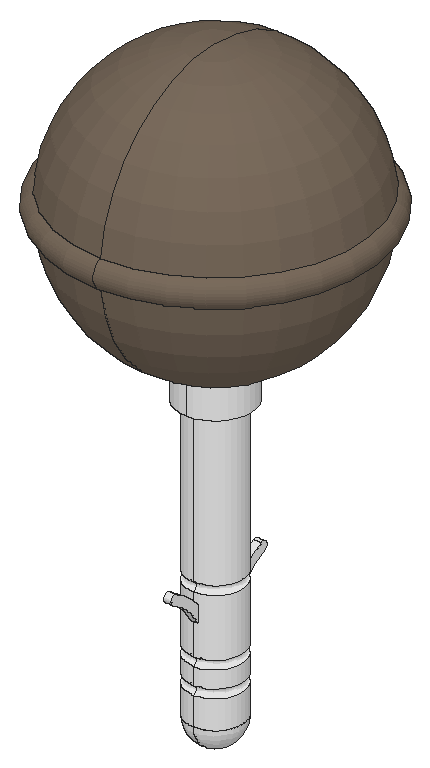
Revit family "111212002203286", category Modelos genéricos, Revit 2018
Family settings
  Puede alojar armadura = No
  Cota de conector redondo = Diámetro de uso
  Tipo de pieza = Normal
  Se basa en plano de trabajo = No
  Siempre vertical = No
  Corte con vacíos al cargar = No
  Compartido = No
  Punto de cálculo de habitación = No
Parameters (values of type "TOPE DE PUERTA ESFERICO PVC CAFE BOLSA 100UN")
  Ventajas = ""
  Uso = "Se utiliza para evitar que las puertas tengan contacto con el muro, impidiendo que\r\nesta le haga daño con los golpes."
  Unidad = "Bolsas de 100 Unidades – Bolsas de 20 Unidades – Por Unidad"
  URL = "https://www.empresascnp.cl/"
  Num SKUs = "111212002203286"
  Nombre SKU = "TOPE DE PUERTA ESFERICO PVC CAFE BOLSA 100UN"
  Modelo = "TOPE DE PUERTA ESFERICO"
  Material = PVC flexible cafe
  Url Ficha tecnica = "https://empresascnp.cl/wp-content/uploads//pdf/ficha-tecnica-tope-de-puerta-conico-pvc-cafe-bolsa-100un.pdf"
  Largo = 0.00 mm
  Espesor = 30.00 mm
  Empresa = "CNP SPA."
  Dureza = ""
  Dimension = 30.00 mm
  Descripción = "Tope de puerta esférico."
  Contacto = "info@empresascnp.cl"
  Color = "Cafe"
  Aplicacion = "En piso como tope de puerta."
Reference planes
  plane 1 "Center F/B": y = 0
  plane 2: z = 0
  plane 3 "Center L/R": x = 0
Forms (mm)
  Revolve 1, solid, material "PVC flexible cafe" <- "Material"
    sketch origin (0, 0, 0) x (0, 1, 0) y (0, 0, 1)
      loop
        arc (0, 30) -> (-10.76, 25.841) -> (-15.927, 15.527) r 16
        arc (-15.927, 15.527) -> (-17.043, 14) -> (-15.927, 12.473) r 1.602
        arc (-15.927, 12.473) -> (-13.379, 5.225) -> (-7.746, 0) r 16
        line (-7.746, 0) -> (0, 0) -> (0, 30)
      axis (0, 30) -> (0, 0)
    angle from 0 to 360
  Revolve 2, solid, material "PVC blanco"
    sketch origin (0, -3.154, 0) x (0, 1, 0) y (0, 0, 1)
      loop
        line (0.154, 0) -> (0.154, -1.456) -> (-0.846, -1.456) -> (-0.846, -5.456) -> (0.154, -5.456) -> (0.154, -22.501)
        arc (0.154, -22.501) -> (0.55, -23.001) -> (0.154, -23.501) r 0.514
        line (0.154, -23.501) -> (0.154, -29.94)
        arc (0.154, -29.94) -> (0.55, -30.44) -> (0.154, -30.94) r 0.514
        line (0.154, -30.94) -> (0.154, -32.825)
        arc (0.154, -32.825) -> (0.55, -33.325) -> (0.154, -33.825) r 0.514
        line (0.154, -33.825) -> (0.154, -37)
        arc (0.154, -37) -> (1.033, -39.121) -> (3.154, -40) r 3
        line (3.154, -40) -> (3.154, 0) -> (0.154, 0)
      axis (3.154, 0) -> (3.154, -40)
    angle from 0 to 360
  Extrusion 3, solid, material "PVC blanco"
    sketch origin (0, 0, 0) x (0, 1, 0) y (0, 0, 1)
      loop
        line (-2.531, -27.43) -> (-2.531, -25.275)
        arc (-2.531, -25.275) -> (-4.033, -23.578) -> (-5.919, -22.321) r 8.782
        arc (-5.919, -22.321) -> (-6.589, -22.548) -> (-6.361, -23.218) r 0.5
        arc (-6.361, -23.218) -> (-4.047, -24.961) -> (-2.531, -27.43) r 7.782
      loop
        arc (2.531, -27.43) -> (4.047, -24.961) -> (6.361, -23.218) r 7.782
        arc (6.361, -23.218) -> (6.589, -22.548) -> (5.919, -22.321) r 0.5
        arc (5.919, -22.321) -> (4.033, -23.578) -> (2.531, -25.275) r 8.782
        line (2.531, -25.275) -> (2.531, -27.43)
    from -0.4 to 0.4
Cuts and joins
  joined: Revolve 2, Extrusion 3
